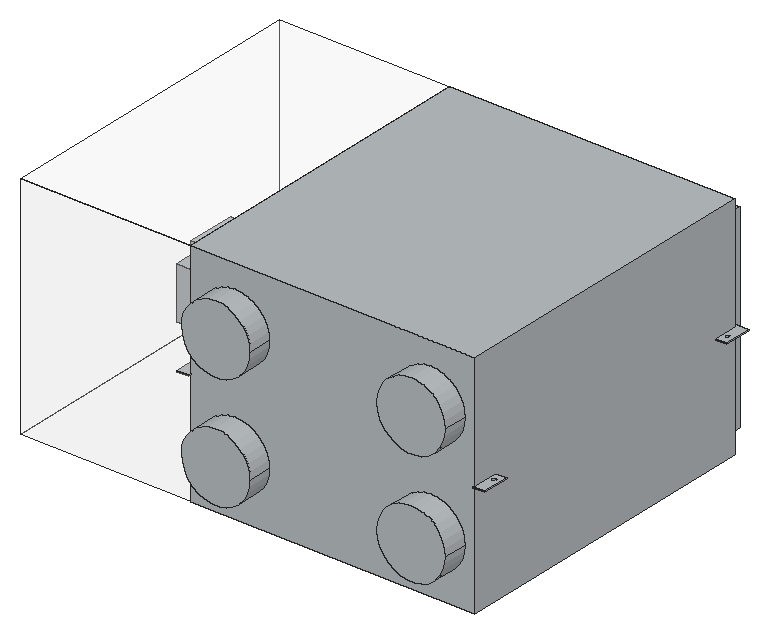
Revit family "lgh-rn150_200rxv2d_60Hz", category 機械設備, Revit 2019
Family settings
  丸型コネクタ寸法 = 直径を使用
  パーツ タイプ = 割り込み
  OmniClass 番号 = 23.75.10.34.21
  OmniClass タイトル = Heat Exchangers for Ventilation Air
  作業面ベース = いいえ
  常に垂直 = はい
  ロード時にボイドで切り取り = いいえ
  共有 = いいえ
  部屋計算ポイント = はい
Parameters (values of type "LGH-RN150RXV2D")
  騒音レベル(dB(A)) = 38.5
  風量 = MAX風量  # 1500.0 m³/h
  面風速 = 8.5 m/s
  電源種別 [instance] = "一般"
  電圧 = 200 V
  電動機出力 = 0 W
  集中コントローラ = ""
  運転質量 = 0.00 kg
  連動 [instance] = ""
  質量 = if(製品質量 > 運転質量, 製品質量, 運転質量) * 1.2  # 128.40 kg
  負荷分類 = 3_ファン類
  説明 = "業務用ﾛｽﾅｲ 天井埋込形 DCﾘﾌﾟﾚｰｽﾏｲｺﾝ"
  設計風量 = 0.0 m³/h
  設置方法 = "天井吊(隠ぺい)形"
  記号 [instance] = ""
  製造元 = "三菱電機株式会社"
  製品質量 = 107.00 kg
  製品出荷対象 = "国内"
  製品リリース年月 = "2023/5/15"
  製品グループ = ""
  系統 [instance] = ""
  符号 [instance] = "HEU"
  積算_科目 = "1 空気調和設備"
  積算_拾い区分 [instance] = ""
  相 = 1
  盤記号 [instance] = ""
  発停方法 [instance] = ""
  特殊仕様 [instance] = ""
  点検口高さ = -Height / 2  # -404 mm
  点検口 = yes
  火災停止 [instance] = ""
  温度交換効率_特強 = 74.00%
  温度交換効率_強 = 74.00%
  温度交換効率_弱 = 76.50%
  消費電力 = 900 W
  法定耐用年数 = "15"
  機外静圧_排気 = 275.0 Pa
  機外静圧 = 275.0 Pa
  極数 = 3
  材質 [instance] = ""
  本体マテリアル = 溶融亜鉛めっき鋼板
  操作・制御方式 = ""
  操作・制御スイッチ = ""
  排気量 = 0.0 m³/h
  形式 = "天井埋込ダクト形"
  形名 = LGH-RN-4 : LGH-RN150-4
  幹線記号 [instance] = ""
  対象室 [instance] = ""
  始動方式 [instance] = "直入"
  外気量 = 設計風量  # 0.0 m³/h
  呼称 = "全熱交換ユニット"
  周波数 = 60 Hz
  吊りボルト-W = 1046 mm
  吊りボルト-D = 1030 mm
  参照している仕様書等のバージョン = ""
  初期抵抗 = 0.0 Pa
  分類コード = "50052504100070"
  分類グループ = ""
  価格 = 1637000
  企業コード = "108420"
  付属品_フィルター_還気 = ""
  付属品_フィルター = ""
  付属品 [instance] = ""
  仕様書バージョン = "Version1.0"
  モデル = "LGH-RN150RXV2D"
  ダクト高 = 700 mm
  ダクト径 = 250 mm
  ダクト幅 = 270 mm
  サービススペース = yes
  コメント [instance] = ""
  Keynote = ""
  エンタルピ交換効率_暖房_特強 = 76.00%
  エンタルピ交換効率_暖房_強 = 76.00%
  エンタルピ交換効率_暖房_弱 = 78.50%
  エンタルピ交換効率_冷房_特強 = 66.00%
  エンタルピ交換効率_冷房_強 = 66.00%
  エンタルピ交換効率_冷房_弱 = 68.50%
  Width = 1004 mm
  Version = ""
  Uniclass2015Version = "Systems v1.9"
  Uniclass2015Title = "Thermal wheels"
  Uniclass2015Code = "Pr_60_60_36_88"
  URL = "https://www.mitsubishielectric.co.jp/ldg/wink/qr/002/324436/"
  SpecificationReference = ""
  SpecificationDescription = ""
  SMAX風量 = 1500.0 m³/h
  SMAX静圧 = 275.0 Pa
  SAサイズ_D = 242 mm
  Revision = ""
  RAサイズ_D = 242 mm
  ProductInformation = ""
  OmniClassCode = "23-27 23 19 11"
  OAサイズ_W = 270 mm
  OAサイズ_D = 700 mm
  MIN風量 = 660.0 m³/h
  MIN静圧 = 47.0 Pa
  MID風量 = 1080.0 m³/h
  MID静圧 = 127.0 Pa
  MAX風量 = 1500.0 m³/h
  MAX静圧 = 245.0 Pa
  M2 = 49 mm
  M1 = 84 mm
  IfcTypeProduct = ""
  IfcProduct = ""
  IfcExportType = "ROTARYWHEEL"
  IfcExportAs = "IfcAirToAirHeatRecoveryType"
  Height = 808 mm
  EAサイズ_W = 270 mm
  EAサイズ_D = 700 mm
  Depth = 1144 mm
  Clearance Top = 0 mm  # constant formula
  Clearance Right = 0 mm  # constant formula
  Clearance Left = 600 mm  # constant formula
  Clearance Front = 0 mm  # constant formula
  Clearance Bottom = 0 mm  # constant formula
  Clearance Back = 0 mm  # constant formula
  Author = "三菱電機株式会社"
Types (2, lengths in mm): name | 騒音レベル(dB(A)) | 風量 | 面風速 | 質量 | 製品質量 | 温度交換効率_特強 | 温度交換効率_強 | 温度交換効率_弱 | 消費電力 | 機外静圧_排気 | 機外静圧 | 吊りボルト-W | 価格 | モデル | エンタルピ交換効率_暖房_特強 | エンタルピ交換効率_暖房_強 | エンタルピ交換効率_暖房_弱 | エンタルピ交換効率_冷房_特強 | エンタルピ交換効率_冷房_強 | エンタルピ交換効率_冷房_弱 | Width | URL | SMAX風量 | SMAX静圧 | MIN風量 | MIN静圧 | MID風量 | MID静圧 | MAX風量 | MAX静圧
  LGH-RN150RXV2D | 38.5 | 1500.0 m³/h | 8.5 m/s | 128.40 kg | 107.00 kg | 74.00% | 74.00% | 76.50% | 900 W | 275.0 Pa | 275.0 Pa | 1046 | 1637000 | "LGH-RN150RXV2D" | 76.00% | 76.00% | 78.50% | 66.00% | 66.00% | 68.50% | 1004 | "https://www.mitsubishielectric.co.jp/ldg/wink/qr/002/324436/" | 1500.0 m³/h | 275.0 Pa | 660.0 m³/h | 47.0 Pa | 1080.0 m³/h | 127.0 Pa | 1500.0 m³/h | 245.0 Pa
  LGH-RN200RXV2D | 41 | 2000.0 m³/h | 11.3 m/s | 140.40 kg | 117.00 kg | 73.00% | 73.00% | 75.00% | 1160 W | 225.0 Pa | 225.0 Pa | 1273 | 1849000 | "LGH-RN200RXV2D" | 75.00% | 75.00% | 76.50% | 65.00% | 65.00% | 67.50% | 1231 | "https://www.mitsubishielectric.co.jp/ldg/wink/qr/002/324439/" | 2000.0 m³/h | 225.0 Pa | 880.0 m³/h | 32.0 Pa | 1440.0 m³/h | 86.0 Pa | 2000.0 m³/h | 165.0 Pa
Reference planes
  plane 1 "中心(正面/背面)": y = 0
  plane 2: z = 0
  plane 3 "中心(左/右)": x = 0
  plane 4 "4": x = 0
  plane 5 "3": x = 0
  plane 6 "左": x = -502
  plane 7 "右": x = 502
  plane 8 "背面": y = 572
  plane 9 "正面": y = -572
  plane 10: z = 404
  plane 11: y = 515
  plane 12: y = -515
  plane 13: x = 523
  plane 14: x = -523
  plane 15: z = -404
  plane 16: z = 404
  plane 17: z = -404
  plane 18: y = 572
  plane 19: x = 502
  plane 20: x = -1102
  plane 21: y = -572
  plane 22: y = 225
  plane 23: x = -652
  plane 24: y = -225
Dimensions and locks
  equal spacing: plane 6 "左", plane 5 "3", plane 7 "右"
  "Width": plane 6 "左" to plane 7 "右"
  equal spacing: plane 9 "正面", plane 1 "中心(正面/背面)", plane 8 "背面"
  "Depth": plane 9 "正面" to plane 8 "背面"
  equal spacing: plane 10, level, plane 15
  "Height": plane 10 to plane 15
  equal spacing: plane 14, plane 5 "3", plane 13
  "吊りボルト-W": plane 14 to plane 13
  equal spacing: plane 12, plane 1 "中心(正面/背面)", plane 11
  "吊りボルト-D": plane 12 to plane 11
  "Clearance Back": plane 8 "背面" to plane 18
  "Clearance Front": plane 21 to plane 9 "正面"
  "Clearance Right": plane 7 "右" to plane 19
  "Clearance Left": plane 20 to plane 6 "左"
  "Clearance Top": plane 16 to plane 10
  "Clearance Bottom": plane 15 to plane 17
  locked: plane 20 to plane 23 at 450
  equal spacing: plane 24, plane 1 "中心(正面/背面)", plane 22
  locked: plane 22 to plane 24 at 450
  aligned and locked: level to plane 2
  aligned and locked: nested 1 to plane 11
  aligned and locked: plane 12 to nested 1
  aligned and locked: plane 14 to nested 1
  aligned and locked: plane 13 to nested 1
  aligned and locked: plane 21 to nested 3
  aligned and locked: plane 20 to nested 3
  aligned and locked: plane 16 to nested 3
  aligned and locked: plane 17 to nested 3
  aligned and locked: plane 1 "中心(正面/背面)" to nested 2
  aligned and locked: nested 2 to plane 5 "3"
  aligned and locked: plane 18 to nested 3
  aligned and locked: plane 6 "左" to nested 3
  aligned and locked: plane 23 to nested 4
  aligned and locked: plane 20 to nested 4
  aligned and locked: nested 4 to plane 24
  aligned and locked: plane 22 to nested 4
Nested families
  nested 1: "固定点" at (-523, -515, 0), type "固定点"
    with W 1046 mm, D 1030 mm
  nested 2: "LGH-RN-4" at (0, 0, -404) x (0, -1, 0) z (0, 0, 1), type <- "形名", type "LGH-RN150-4"
  nested 3: "サービススペース" at (-802, 0, 0), visible <- "サービススペース", type "サービススペース"
    with Width 600 mm, Height 808 mm, Depth 1144 mm
  nested 4: "点検口設置範囲" at (-877, 0, -404), built-in parameter 1001364 <- "点検口高さ", visible <- "点検口", type "点検口設置範囲"
    with Width 450 mm, Depth 450 mm
Connectors
  hvac at (345, -656, 202), driven by "ダクト径", driven by "機外静圧", driven by "風量"
    settings: on nested 2, index 1, duct flow 1500.0 m³/h, flow factor 0, pres drop 275.0 Pa, loss coef 0, conn angle 0.00°, conn width 304.8 mm, conn height 304.8 mm, conn diameter 250 mm, duct sys type 2, conn prof type 0, flow config 0, flow direction 1, loss method 4, conn ref index -1, conn util no, is conn primary yes, conn desc ""
  hvac at (345, -656, -202), driven by "ダクト径", driven by "機外静圧", driven by "風量"
    settings: on nested 2, index 2, duct flow 1500.0 m³/h, flow factor 0, pres drop 275.0 Pa, loss coef 0, conn angle 0.00°, conn width 304.8 mm, conn height 304.8 mm, conn diameter 250 mm, duct sys type 2, conn prof type 0, flow config 0, flow direction 1, loss method 4, conn ref index -1, conn util no, is conn primary no, conn desc ""
  hvac at (-345, -656, 202), driven by "ダクト径", driven by "機外静圧", driven by "風量"
    settings: on nested 2, index 3, duct flow 1500.0 m³/h, flow factor 0, pres drop 275.0 Pa, loss coef 0, conn angle 0.00°, conn width 304.8 mm, conn height 304.8 mm, conn diameter 250 mm, duct sys type 1, conn prof type 0, flow config 0, flow direction 2, loss method 4, conn ref index -1, conn util no, is conn primary no, conn desc ""
  hvac at (-345, -656, -202), driven by "ダクト径", driven by "機外静圧", driven by "風量"
    settings: on nested 2, index 4, duct flow 1500.0 m³/h, flow factor 0, pres drop 275.0 Pa, loss coef 0, conn angle 0.00°, conn width 304.8 mm, conn height 304.8 mm, conn diameter 250 mm, duct sys type 1, conn prof type 0, flow config 0, flow direction 2, loss method 4, conn ref index -1, conn util no, is conn primary no, conn desc ""
  hvac at (345, 621, 0), driven by "機外静圧", driven by "排気量", driven by "ダクト高", driven by "ダクト幅"
    settings: on nested 2, index 5, duct flow 0.0 m³/h, flow factor 0, pres drop 275.0 Pa, loss coef 0, conn angle 0.00°, conn width 270 mm, conn height 700 mm, conn diameter 609.6 mm, duct sys type 3, conn prof type 1, flow config 0, flow direction 2, loss method 4, conn ref index -1, conn util no, is conn primary no, conn desc ""
  hvac at (-345, 621, 0), driven by "機外静圧", driven by "外気量", driven by "ダクト幅", driven by "ダクト高"
    settings: on nested 2, index 6, duct flow 0.0 m³/h, flow factor 0, pres drop 275.0 Pa, loss coef 0, conn angle 0.00°, conn width 270 mm, conn height 700 mm, conn diameter 609.6 mm, duct sys type 1, conn prof type 1, flow config 0, flow direction 1, loss method 4, conn ref index -1, conn util no, is conn primary no, conn desc ""
  electrical at (-559.5, -427, -18.5), driven by "極数", driven by "負荷分類", driven by "電圧", driven by "消費電力"
    settings: on nested 2, index 7, voltage 200 V, apparent load 900 VA, apparent load phase1 0 VA, apparent load phase2 0 VA, apparent load phase3 0 VA, power factor 1, load classification "3_ファン類", number of poles 3, system type 30, power factor state 1, is connector primary yes, connector utility no, sub classification motor no, connector description ""
Definition of nested family "LGH-RN-4"
  Parameters (values of type "LGH-RN150-4")
    吊りボルト-φ = 13 mm
    吊りボルト-W1 = 1030 mm
    吊りボルト-D1 = 1046 mm
    マテリアル = none
    ダクト間 = 690 mm
    ダクト-W = 270 mm
    ダクト-H = 700 mm
    コントロール手前位置 = 145 mm  # constant formula
    コントロール上位置 = 88 mm  # constant formula
    φ = 242 mm
    Φ = 258 mm
    吊りボルト-H = 0 mm
    M2 = 49 mm
    M1 = 84 mm
    W = 1144 mm
    H = 808 mm
    D = 1004 mm
    CO2センサー手前位置 = 176 mm  # constant formula
    CO2センサー上位置 = 201 mm  # constant formula
  Types (2, lengths in mm): name | 吊りボルト-D1 | ダクト間 | D
    LGH-RN200-4 | 1273 | 917 | 1231
    LGH-RN150-4 | 1046 | 690 | 1004
  Reference planes
    plane 1 "中心(正面/背面)": y = 0
    plane 2: z = 0
    plane 3 "中心(左/右)": x = 0
    plane 4: y = 502
    plane 5: y = 523
    plane 6: y = 543
    plane 7: y = -502
    plane 8: y = -523
    plane 9: y = -543
    plane 10: x = -572
    plane 11: x = 572
    plane 12: z = 404
    plane 13: x = -213
    plane 14: x = 656
    plane 15: x = -621
    plane 16: z = 202
    plane 17: y = 345
    plane 18: y = -345
    plane 19: x = -515
    plane 20: x = 515
    plane 21: x = 190.667
    plane 22: x = -190.667
    plane 23: y = -617
    plane 24: y = -692
    plane 25: x = 427
    plane 26: x = 381.333
    plane 27: x = 252
    plane 28: z = 336.667
    plane 29: z = 269.333
    plane 30: z = 134.667
    plane 31: z = 67.333
    plane 32: x = 396
    plane 33: x = 283
    plane 34: x = -581
    plane 35: x = 581
    plane 36: x = 485
    plane 37: x = -485
    plane 38: z = 404
    plane 39: z = 401
    plane 40: z = 606
    plane 41: z = 471.333
    plane 42: z = 538.667
    plane 43: z = 673.333
    plane 44: z = 740.667
    plane 45: z = 404
    plane 46: z = 808
    plane 47: y = 480
    plane 48: y = 210
    plane 49: y = -210
    plane 50: y = -480
    plane 51: z = 754
    plane 52: z = 54
    plane 53: z = 720
    plane 54: z = 607
    plane 55: z = 425
    plane 56: z = 51
  Forms (mm)
    Extrusion 1, solid, material <- "マテリアル", detail levels fine
      sketch origin (0, 0, 0) x (0, 1, 0) y (0, 0, -1)
        loop
          circle (-345, -202) r 121
        loop
          circle (345, -202) r 121
        loop
          circle (345, -606) r 121
        loop
          circle (-345, -606) r 121
      from -572 to -656
    Extrusion 2, solid, material <- "マテリアル", detail levels fine
      sketch origin (0, 0, 0) x (1, 0, 0) y (0, 1, 0)
        loop
          line (-581, 543) -> (-581, 502) -> (-485, 502) -> (-485, 543) -> (-581, 543)
        loop
          line (-581, -502) -> (-581, -543) -> (-485, -543) -> (-485, -502) -> (-581, -502)
        loop
          line (485, 543) -> (485, 502) -> (581, 502) -> (581, 543) -> (485, 543)
        loop
          line (485, -543) -> (581, -543) -> (581, -502) -> (485, -502) -> (485, -543)
        loop
          circle (-515, 523) r 6.5
        loop
          circle (515, 523) r 6.5
        loop
          circle (-515, -523) r 6.5
        loop
          circle (515, -523) r 6.5
      from 401 to 404
    Extrusion 3, solid, material <- "マテリアル", detail levels fine
      sketch origin (0, 0, 808) x (0, -1, 0) y (1, 0, 0)
        loop
          line (-502, -572) -> (502, -572) -> (502, 572) -> (-502, 572) -> (-502, -572)
      from 0 to -808
    Extrusion 4, solid, material <- "マテリアル", detail levels fine
      sketch origin (0, 0, 0) x (1, 0, 0) y (0, 0, 1)
        loop
          line (252, 720) -> (252, 51) -> (427, 51) -> (427, 720) -> (252, 720)
      from 502 to 617
    Extrusion 5, solid, material <- "マテリアル", detail levels fine
      sketch origin (0, 0, 0) x (1, 0, 0) y (0, 0, 1)
        loop
          line (283, 607) -> (283, 425) -> (396, 425) -> (396, 607) -> (283, 607)
      from 617 to 692
    Extrusion 6, solid, material <- "マテリアル", detail levels fine
      sketch origin (0, 0, 0) x (0, 1, 0) y (0, 0, 1)
        loop
          line (-210, 754) -> (-480, 754) -> (-480, 54) -> (-210, 54) -> (-210, 754)
        loop
          line (210, 754) -> (210, 54) -> (480, 54) -> (480, 754) -> (210, 754)
      from -621 to -572
  Dimensions and locks
    "W": plane 10 to plane 11
    "吊りボルト-D1": plane 8 to plane 5
    "D": plane 7 to plane 4
    equal spacing: plane 7, plane 1 "中心(正面/背面)", plane 4
    equal spacing: plane 10, plane 3 "中心(左/右)", plane 11
    "M2": plane 15 to plane 10
    "M1": plane 11 to plane 14
    equal spacing: plane 8, plane 1 "中心(正面/背面)", plane 5
    equal spacing: plane 18, plane 1 "中心(正面/背面)", plane 17
    "ダクト間": plane 18 to plane 17
    equal spacing: plane 19, plane 3 "中心(左/右)", plane 20
    "吊りボルト-W1": plane 19 to plane 20
    plane 15 to plane 14 = 1277 mm
    equal spacing: plane 10, plane 22, plane 21, plane 11
    plane 11 to plane 21 to plane 22 to plane 10 = 381.333 mm, 381.333 mm, 381.333 mm
    locked: plane 23 to plane 7 at 115
    locked: plane 24 to plane 7 at 190
    equal spacing: plane 12, plane 28, plane 29, plane 16, plane 30, plane 31, level
    locked: plane 5 to plane 6 at 20
    locked: plane 9 to plane 8 at 20
    locked: plane 38 to plane 39 at 3
    "吊りボルト-H": plane 12 to plane 38
    locked: plane 19 to plane 37 at 30
    locked: plane 36 to plane 20 at 30
    locked: plane 34 to plane 10 at 9
    locked: plane 11 to plane 35 at 9
    "H": plane 46 to level
    equal spacing: plane 46, plane 44, plane 43, plane 40, plane 42, plane 41, plane 12
    "吊りボルト-H": plane 45 to plane 12
    equal spacing: plane 48, plane 17, plane 47
    "ダクト-W": plane 48 to plane 47
    equal spacing: plane 50, plane 18, plane 49
    "ダクト-W": plane 50 to plane 49
    equal spacing: plane 51, plane 45, plane 52
    "ダクト-H": plane 51 to plane 52
    locked: plane 33 to plane 32 at 113
    locked: plane 27 to plane 25 at 175
    "CO2センサー手前位置": plane 32 to plane 11
    "コントロール手前位置": plane 25 to plane 11
    locked: plane 53 to plane 56 at 669
    "コントロール上位置": plane 46 to plane 53
    "CO2センサー上位置": plane 46 to plane 54
    locked: plane 54 to plane 55 at 182
    "φ": diameter of Extrusion 1 sketch curve  (x4)
    "吊りボルト-φ": diameter of Extrusion 2 sketch curve  (x4)
    aligned and locked: level to plane 2
    aligned and locked: plane 14 to Extrusion 1
    aligned and locked: plane 18 to Extrusion 1 sketch curve  (x2)
    aligned and locked: plane 16 to Extrusion 1 sketch curve  (x2)
    aligned and locked: plane 17 to Extrusion 1 sketch curve  (x2)
    aligned and locked: plane 6 to Extrusion 2 sketch curve  (x2)
    aligned and locked: plane 34 to Extrusion 2 sketch curve  (x2)
    aligned and locked: Extrusion 2 sketch curve to plane 4  (x2)
    aligned and locked: Extrusion 2 sketch curve to plane 37  (x2)
    aligned and locked: plane 7 to Extrusion 2 sketch curve
    aligned and locked: Extrusion 2 sketch curve to plane 9
    aligned and locked: Extrusion 2 sketch curve to plane 35
    aligned and locked: plane 9 to Extrusion 2 sketch curve
    aligned and locked: Extrusion 2 sketch curve to plane 7
    aligned and locked: plane 35 to Extrusion 2 sketch curve
    aligned and locked: plane 8 to Extrusion 2 sketch curve  (x2)
    aligned and locked: plane 5 to Extrusion 2 sketch curve  (x2)
    aligned and locked: plane 19 to Extrusion 2 sketch curve  (x2)
    aligned and locked: plane 20 to Extrusion 2 sketch curve  (x2)
    aligned and locked: Extrusion 2 to plane 39
    aligned and locked: plane 38 to Extrusion 2
    aligned and locked: Extrusion 2 sketch curve to plane 36  (x2)
    aligned and locked: Extrusion 3 to plane 46
    aligned and locked: plane 27 to Extrusion 4 sketch curve
    aligned and locked: plane 7 to Extrusion 4
    aligned and locked: plane 23 to Extrusion 4
    aligned and locked: plane 33 to Extrusion 5 sketch curve
    aligned and locked: Extrusion 5 sketch curve to plane 32
    aligned and locked: plane 23 to Extrusion 5
    aligned and locked: plane 24 to Extrusion 5
    aligned and locked: plane 40 to Extrusion 1 sketch curve  (x2)
    aligned and locked: plane 51 to Extrusion 6 sketch curve
    aligned and locked: Extrusion 6 sketch curve to plane 51
    aligned and locked: Extrusion 6 sketch curve to plane 52  (x2)
    aligned and locked: Extrusion 6 sketch curve to plane 47
    aligned and locked: Extrusion 6 sketch curve to plane 48
    aligned and locked: Extrusion 6 sketch curve to plane 49
    aligned and locked: Extrusion 6 sketch curve to plane 50
    aligned and locked: Extrusion 6 to plane 15
    aligned and locked: plane 10 to Extrusion 6
    aligned and locked: plane 55 to Extrusion 5 sketch curve
    aligned and locked: Extrusion 5 sketch curve to plane 54
    aligned and locked: Extrusion 4 sketch curve to plane 53
    aligned and locked: Extrusion 3 to level
    aligned and locked: Extrusion 4 to plane 56
    aligned and locked: Extrusion 1 to plane 11
  Automatic sketch dimensions
    plane 4 to Extrusion 3 sketch curve = 0 mm
    plane 7 to Extrusion 3 sketch curve = 0 mm
    Extrusion 3 sketch curve to plane 10 = 0 mm
    Extrusion 3 sketch curve to plane 11 = 0 mm
    Extrusion 4 sketch curve to plane 12 = 353 mm
    Extrusion 4 sketch curve to plane 25 = 0 mm
Definition of nested family "サービススペース"
  Parameters (values of type "サービススペース")
    Width [instance] = 500 mm
    Height [instance] = 500 mm
    Depth [instance] = 500 mm
  Reference planes
    plane 1 "中心(正面/背面)": y = 0
    plane 2: z = 0
    plane 3 "中心(左/右)": x = 0
    plane 4: y = -250
    plane 5: x = 250
    plane 6: y = 250
    plane 7: x = -250
    plane 8: z = 250
    plane 9: z = -250
  Forms (mm)
    Extrusion 1, solid
      sketch origin (-638.939, 0, 72.39) x (1, 0, 0) y (0, 1, 0)
        loop
          line (388.939, 250) -> (388.939, -250) -> (888.939, -250) -> (888.939, 250) -> (388.939, 250)
      from -322.39 to 177.61
  Lines and regions (mm)
    symbolic lines
      curve 1: line (-250, 0, 250) -> (250, 0, 250)
      curve 2: line (-250, 0, -250) -> (-250, 0, 250)
      curve 3: line (250, 0, -250) -> (-250, 0, -250)
      curve 4: line (250, 0, 250) -> (250, 0, -250)
      curve 5: line (0, -250, 250) -> (0, 250, 250)
      curve 6: line (0, -250, -250) -> (0, -250, 250)
      curve 7: line (0, 250, -250) -> (0, -250, -250)
      curve 8: line (0, 250, 250) -> (0, 250, -250)
      curve 9: line (-250, 250, 0) -> (250, 250, 0)
      curve 10: line (-250, -250, 0) -> (-250, 250, 0)
      curve 11: line (250, -250, 0) -> (-250, -250, 0)
      curve 12: line (250, 250, 0) -> (250, -250, 0)
  Dimensions and locks
    equal spacing: plane 7, plane 3 "中心(左/右)", plane 5
    equal spacing: plane 4, plane 1 "中心(正面/背面)", plane 6
    "Depth": plane 4 to plane 6
    "Width": plane 7 to plane 5
    equal spacing: plane 8, plane 2, plane 9
    "Height": plane 8 to plane 9
    aligned and locked: plane 9 to curve 3
    aligned and locked: plane 7 to curve 2
    aligned and locked: curve 4 to plane 5
    aligned and locked: plane 5 to Extrusion 1
    aligned and locked: Extrusion 1 to plane 7
    aligned and locked: Extrusion 1 to plane 9
    aligned and locked: plane 8 to Extrusion 1
    aligned and locked: plane 9 to curve 7
  Automatic sketch dimensions
    plane 4 to Extrusion 1 sketch curve = 0 mm
    Extrusion 1 sketch curve to plane 7 = 0 mm
    Extrusion 1 sketch curve to plane 5 = 0 mm
    plane 6 to Extrusion 1 sketch curve = 0 mm
    curve 2 to plane 8 = 0 mm
    plane 4 to curve 11 = 0 mm
    curve 11 to plane 7 = 0 mm
    curve 11 to plane 5 = 0 mm
    plane 6 to curve 10 = 0 mm
    curve 7 to plane 4 = 0 mm
    curve 7 to plane 6 = 0 mm
    curve 6 to plane 8 = 0 mm
Definition of nested family "固定点"
  Parameters (values of type "固定点")
    中心円 = 11 mm
    W [instance] = 1000 mm
    D [instance] = 1000 mm
  Reference planes
    plane 1 "中心(正面/背面)": y = 0
    plane 2: z = 0
    plane 3 "中心(左/右)": x = 0
    plane 4: x = 1000
    plane 5: y = 1000
  Lines and regions (mm)
    symbolic lines, detail levels fine
      curve 1: circle (0, 1000, 0) r 5.5 normal (0, 0, 1)
      curve 2: circle (0, 0, 0) r 5.5 normal (0, 0, 1)
      curve 3: circle (1000, 1000, 0) r 5.5 normal (0, 0, 1)
      curve 4: circle (1000, 0, 0) r 5.5 normal (0, 0, 1)
      curve 5: line (-200, 1000, 0) -> (1200, 1000, 0)
      curve 6: line (-200, 0, 0) -> (1200, 0, 0)
      curve 7: line (0, 1200, 0) -> (0, -200, 0)
      curve 8: line (1000, 1200, 0) -> (1000, -200, 0)
  Dimensions and locks
    "W": plane 3 "中心(左/右)" to plane 4
    "D": plane 1 "中心(正面/背面)" to plane 5
    "中心円": diameter of curve 1
    "中心円": diameter of curve 2
    "中心円": diameter of curve 3
    "中心円": diameter of curve 4
    aligned and locked: level to plane 2
    aligned and locked: plane 5 to curve 1
    aligned and locked: plane 3 "中心(左/右)" to curve 1
    aligned and locked: plane 3 "中心(左/右)" to curve 2
    aligned and locked: plane 1 "中心(正面/背面)" to curve 2
    aligned and locked: plane 4 to curve 3
    aligned and locked: plane 5 to curve 3
    aligned and locked: plane 1 "中心(正面/背面)" to curve 4
    aligned and locked: plane 4 to curve 4
    aligned and locked: plane 1 "中心(正面/背面)" to curve 6
    aligned and locked: curve 7 to plane 3 "中心(左/右)"
    aligned and locked: curve 8 to plane 4
  Automatic sketch dimensions
    curve 5 to plane 5 = 0 mm
    curve 6 to plane 3 "中心(左/右)" = 200 mm
    curve 5 to plane 3 "中心(左/右)" = 200 mm
    curve 4 to curve 6 = 200 mm
    curve 3 to curve 5 = 200 mm
    plane 1 "中心(正面/背面)" to curve 8 = 200 mm
    plane 1 "中心(正面/背面)" to curve 7 = 200 mm
    curve 3 to curve 8 = 200 mm
    curve 1 to curve 7 = 200 mm
Definition of nested family "点検口設置範囲"
  Parameters (values of type "点検口設置範囲")
    Width [instance] = 1000 mm
    Depth [instance] = 700 mm
  Reference planes
    plane 1 "中心(正面/背面)": y = 0
    plane 2: z = 0
    plane 3 "中心(左/右)": x = 0
    plane 4: x = -500
    plane 5: x = 500
    plane 6: y = -350
    plane 7: y = 350
  Lines and regions (mm)
    model lines
      curve 1: line (-500, 350, 0) -> (500, 350, 0)
      curve 2: line (-500, -350, 0) -> (-500, 350, 0)
      curve 3: line (500, -350, 0) -> (-500, -350, 0)
      curve 4: line (500, 350, 0) -> (500, -350, 0)
  Dimensions and locks
    "Depth": plane 7 to plane 6
    "Width": plane 4 to plane 5
    equal spacing: plane 7, plane 1 "中心(正面/背面)", plane 6
    equal spacing: plane 4, plane 3 "中心(左/右)", plane 5
    aligned and locked: level to plane 2
    aligned and locked: plane 4 to curve 2
    aligned and locked: curve 1 to plane 7
    aligned and locked: curve 4 to plane 5
    aligned and locked: plane 6 to curve 3
